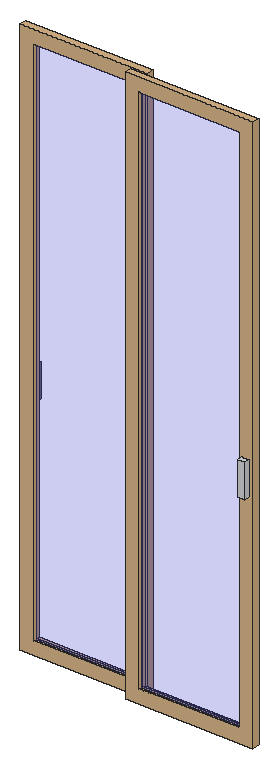
Revit family "PKNail Sliding Glass", category Doors, host Wall, Revit 2017
Family settings
  Host = Wall
  Always vertical = Yes
  Cut with Voids When Loaded = No
  Shared = No
  Room Calculation Point = No
Parameters (values of type "36" x 84"")
  Width = 3' - 0"
  PKNail Family Lateral Orientation = "Sliding"
  PKNail Family Facing Orientation = "None"
  PKNail Family = "Sliding Glass"
  Height = 7' - 0"
  Function = Interior
  Assembly Code = ""
Reference planes (in)
  plane 1: y = 0
  plane 2 "Center (Left/Right)": x = 0
  plane 3 "Wall Edge": y = 3
  plane 4: x = -18
  plane 5: x = 18
  plane 6: z = 84
Forms (in)
  Extrusion 1, void
    sketch origin (0, 3, 0) x (1, 0, 0) y (0, 0, 1)
      loop
        line (18, 84) -> (-18, 84) -> (-18, 0) -> (18, 0) -> (18, 84)
    from 0 to 60
  Extrusion 2, solid, material "Door - Panel"
    sketch origin (-60, 0, 0) x (1, 0, 0) y (0, 0, 1)
      loop
        line (58.875, 0.125) -> (77.875, 0.125) -> (77.875, 83.875) -> (58.875, 83.875) -> (58.875, 0.125)
    from 0.125 to 1.125
  Extrusion 3, solid, material "Door - Panel"
    sketch origin (-60, 0, 0) x (1, 0, 0) y (0, 0, 1)
      loop
        line (61.125, 0.125) -> (61.125, 83.875) -> (42.125, 83.875) -> (42.125, 0.125) -> (61.125, 0.125)
    from -0.125 to -1.125
  Extrusion 4, solid, material "Door - Knob"
    sketch origin (-61.25, 1.125, 33.5) x (1, 0, 0) y (0, 0, 1)
      loop
        line (44, 0) -> (45, 0) -> (45, 5) -> (44, 5) -> (44, 0)
    from 0 to -0.75
  Extrusion 5, solid
    sketch origin (-58.75, -1.125, 33.375) x (-1, 0, 0) y (0, 0, 1)
      loop
        line (-76, 0.125) -> (-75, 0.125) -> (-75, 5.125) -> (-76, 5.125) -> (-76, 0.125)
    from 0 to -0.75
  Extrusion 6, void
    sketch origin (-60, 1.125, 0) x (-1, 0, 0) y (0, 0, 1)
      loop
        line (-44.125, 81.875) -> (-59.125, 81.875) -> (-59.125, 2.125) -> (-44.125, 2.125) -> (-44.125, 81.875)
    from 0 to -1
  Extrusion 7, void
    sketch origin (-60, 1.125, 0) x (-1, 0, 0) y (0, 0, 1)
      loop
        line (-43.625, 82.375) -> (-59.625, 82.375) -> (-59.625, 1.625) -> (-43.625, 1.625) -> (-43.625, 82.375)
    from -0.625 to -0.375
  Extrusion 8, solid, material "Glass"
    sketch origin (-60, 1.125, 0) x (1, 0, 0) y (0, 0, 1)
      loop
        line (43.625, 1.625) -> (59.625, 1.625) -> (59.625, 82.375) -> (43.625, 82.375) -> (43.625, 1.625)
    from 0.375 to 0.625
  Extrusion 9, void
    sketch origin (-60, -1.125, 0) x (1, 0, 0) y (0, 0, 1)
      loop
        line (76.375, 82.375) -> (60.375, 82.375) -> (60.375, 1.625) -> (76.375, 1.625) -> (76.375, 82.375)
    from -0.375 to -0.625
  Extrusion 10, void
    sketch origin (-60, -1.125, 0) x (1, 0, 0) y (0, 0, 1)
      loop
        line (75.875, 81.875) -> (60.875, 81.875) -> (60.875, 2.125) -> (75.875, 2.125) -> (75.875, 81.875)
    from 0 to -1
  Extrusion 11, solid, material "Glass"
    sketch origin (-60, -1.125, 0) x (-1, 0, 0) y (0, 0, 1)
      loop
        line (-76.375, 82.375) -> (-76.375, 1.625) -> (-60.375, 1.625) -> (-60.375, 82.375) -> (-76.375, 82.375)
    from 0.375 to 0.625
Cuts and joins
  Extrusion 6, Extrusion 7 cuts Extrusion 3
  Extrusion 9, Extrusion 10 cuts Extrusion 2
  Extrusion 9 cuts Extrusion 5
Text (in)
  text "Placement Side" at (0, 40.15149, 123.01588), in view "Right"
  text "Placement Side" at (-91.8163, 45.38811, 0), in view "Ref. Level"
  text "Placement Side" at (0, 81.62555, 140.59947), in view "Left"
Dimensions and locks (in)
  locked: plane 3 "Wall Edge" to host wall
  equal spacing: plane 5, plane 2 "Center (Left/Right)", plane 4
  "Width": plane 5 to plane 4
  "Height": level to plane 6
  aligned and locked: plane 5 to Extrusion 1 sketch curve
  aligned and locked: plane 6 to Extrusion 1 sketch curve
  aligned and locked: level to Extrusion 1 sketch curve
  aligned and locked: Extrusion 1 sketch curve to plane 4
Automatic sketch dimensions
  level to Extrusion 2 sketch curve = 0' - 0 1/8"
  Extrusion 2 sketch curve to plane 6 = 0' - 0 1/8"
  Extrusion 2 sketch curve to plane 2 "Center (Left/Right)" = 0' - 1 1/8"
  Extrusion 2 sketch curve to plane 5 = 0' - 0 1/8"
  plane 2 "Center (Left/Right)" to Extrusion 3 sketch curve = 0' - 1 1/8"
  level to Extrusion 3 sketch curve = 0' - 0 1/8"
  Extrusion 3 sketch curve to plane 6 = 0' - 0 1/8"
  plane 4 to Extrusion 3 sketch curve = 0' - 0 1/8"
  Extrusion 4 sketch curve to Extrusion 3 = 0' - 0 5/8"
  Extrusion 4 sketch curve to Extrusion 4 sketch curve = 0' - 1"
  Extrusion 4 sketch curve to Extrusion 3 = 2' - 9 3/8"
  Extrusion 4 sketch curve to Extrusion 3 = 3' - 2 3/8"
  Extrusion 5 sketch curve to Extrusion 2 = 2' - 9 3/8"
  Extrusion 5 sketch curve to Extrusion 2 = 0' - 0 5/8"
  Extrusion 5 sketch curve to Extrusion 5 sketch curve = 0' - 1"
  Extrusion 5 sketch curve to Extrusion 2 = 3' - 2 3/8"
  Extrusion 3 to Extrusion 6 sketch curve = 0' - 2"  (x4)
  Extrusion 3 to Extrusion 7 sketch curve = 0' - 1 1/2"  (x4)
  Extrusion 8 sketch curve to Extrusion 3 = 0' - 1 1/2"  (x4)
  Extrusion 2 to Extrusion 9 sketch curve = 0' - 1 1/2"  (x4)
  Extrusion 2 to Extrusion 10 sketch curve = 0' - 2"  (x4)
  Extrusion 11 sketch curve to Extrusion 2 = 0' - 1 1/2"  (x4)
